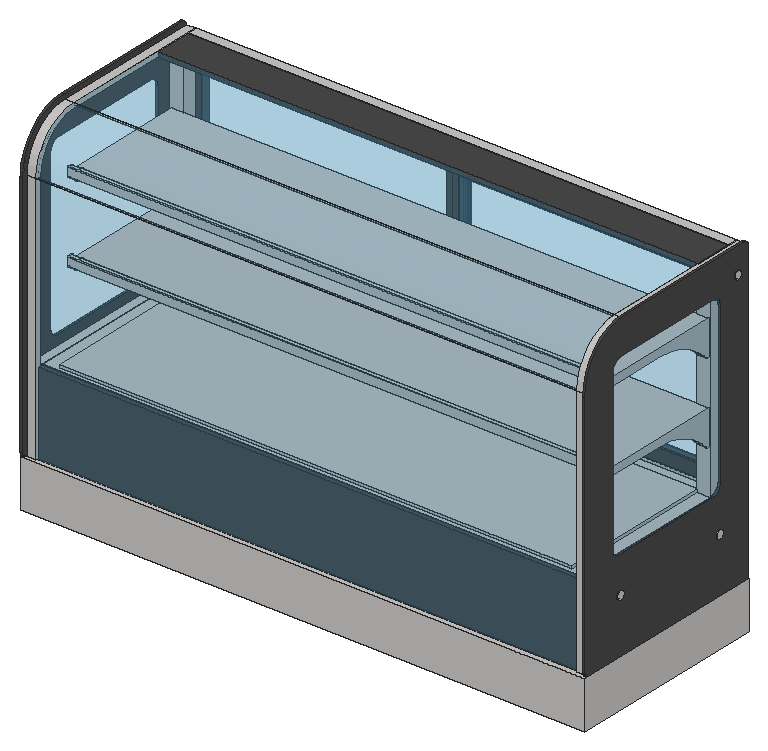
Revit family "Qf_Vollrath_HDC9360_Heated_Display_Case_Cubed_Countertop-60 inches_cat", category Specialty Equipment, Revit 2019
Family settings
  Round Connector Dimension = Use Diameter
  Part Type = Normal
  Work Plane-Based = No
  Always vertical = Yes
  Cut with Voids When Loaded = No
  Shared = No
  Room Calculation Point = No
Parameters (values of type "HDC9360_120/60/1")
  Weight in Pounds = 492.5
  Watts = Volts * FL Amps  # 696 W
  Volts = 120 V
  URL Cutsheet = ""
  Specification by User = ""
  Specification by Manufacturer = ""
  Serial Number = ""
  Seismic Rating = ""
  SMACNA No = ""
  Revision Code = ""
  Phase = 1
  Number of Poles = 1
  NAFEM Spec ID Number = ""
  Model = "HDC9360"
  Min Ckt Ampacity = 0 A
  Max Overcurrent Protection = 0 A
  Masterspec = ""
  Manufacturer = "Vollrath"
  Length = 59.9"
  Item Number = ""
  Installed By = ""
  Identify Quantity as Lot = yes
  Height = 37.0"
  HP = ""
  Furnished By = ""
  Foodservice Equipment Identifier = yes
  FL Amps = 5.8 A
  Electrical Remarks = ""
  Electric Connection Type = ""
  Elec Conn RI Height = 0.0"
  Elec Conn Connection Height = 0.0"
  Description = "Heated Display Case Cubed Countertop-60\""
  Depth = 21.5"
  Cycle = 60 Hz
  Conn Plug = "NEMA 5-15P"
  Conn Conduit = yes
  CSI MasterFormat = ""
  Apparent Power = 0 VA
Reference planes (in)
  plane 1 "BACK": y = 0
  plane 2: z = 0
  plane 3 "LEFT": x = 0
  plane 4 "RIGHT": x = 59.9
  plane 5 "FRONT": y = -21.5
  plane 6 "TOP": z = 37
  plane 7 "Center Y": x = 29.95
  plane 8 "Center X": y = -10.75
  plane 9: x = 0.2
  plane 10: x = 0.45
  plane 11: x = 1.45
  plane 12: x = 59.7
  plane 13: x = 59.45
  plane 14: x = 58.45
  plane 15: z = 5
  plane 16: z = 22.08957
  plane 17: z = 30.55413
  plane 18: z = 13.66535
  plane 19: z = 15.3376
  plane 20: z = 33.6565
  plane 21: z = 34.82972
  plane 22: x = 2.2
  plane 23: y = -5
Forms (in)
  Extrusion 1, solid, material "QF_Plastic_Black_Smooth"
    sketch origin (0.2, -21.42126, 48) x (0, -1, 0) y (0, 0, 1)
      loop
        line (-21.42126, -43) -> (-0.42126, -43)
        arc (-0.42126, -43) -> (-0.06771, -42.85355) -> (0.07874, -42.5) r 0.5
        line (0.07874, -42.5) -> (0.07874, -16.5)
        arc (0.07874, -16.5) -> (-1.53217, -12.61091) -> (-5.42126, -11) r 5.5
        line (-5.42126, -11) -> (-20.92126, -11)
        arc (-20.92126, -11) -> (-21.27481, -11.14645) -> (-21.42126, -11.5) r 0.5
        line (-21.42126, -11.5) -> (-21.42126, -43)
      loop
        arc (-17.79626, -32.38281) -> (-17.50337, -33.08992) -> (-16.79626, -33.38281) r 1
        line (-16.79626, -33.38281) -> (-4.54626, -33.38281)
        arc (-4.54626, -33.38281) -> (-3.83915, -33.08992) -> (-3.54626, -32.38281) r 1
        line (-3.54626, -32.38281) -> (-3.54626, -15.7)
        arc (-3.54626, -15.7) -> (-3.83915, -14.99289) -> (-4.54626, -14.7) r 1
        line (-4.54626, -14.7) -> (-16.79626, -14.7)
        arc (-16.79626, -14.7) -> (-17.50337, -14.99289) -> (-17.79626, -15.7) r 1
        line (-17.79626, -15.7) -> (-17.79626, -32.38281)
    from 0 to -0.25
  Extrusion 2, solid, material "QF_Metal_Stainless_Polished"
    sketch origin (0.2, -21.42126, 48) x (0, -1, 0) y (0, 0, 1)
      loop
        circle (-19.84515, -13.58886) r 0.375
      loop
        circle (-17.4766, -37.03027) r 0.375
      loop
        circle (-4.38554, -37.03027) r 0.375
    from 0 to 0.2
  Extrusion 3, solid, material "QF_Plastic_Black_Smooth"
    sketch origin (59.7, -21.42126, 48) x (0, -1, 0) y (0, 0, -1)
      loop
        line (-21.42126, 43) -> (-21.42126, 11.5)
        arc (-21.42126, 11.5) -> (-21.27481, 11.14645) -> (-20.92126, 11) r 0.5
        line (-20.92126, 11) -> (-5.42126, 11)
        arc (-5.42126, 11) -> (-1.53217, 12.61091) -> (0.07874, 16.5) r 5.5
        line (0.07874, 16.5) -> (0.07874, 42.5)
        arc (0.07874, 42.5) -> (-0.06771, 42.85355) -> (-0.42126, 43) r 0.5
        line (-0.42126, 43) -> (-21.42126, 43)
      loop
        line (-17.79626, 32.38281) -> (-17.79626, 15.7)
        arc (-17.79626, 15.7) -> (-17.50337, 14.99289) -> (-16.79626, 14.7) r 1
        line (-16.79626, 14.7) -> (-4.54626, 14.7)
        arc (-4.54626, 14.7) -> (-3.83915, 14.99289) -> (-3.54626, 15.7) r 1
        line (-3.54626, 15.7) -> (-3.54626, 32.38281)
        arc (-3.54626, 32.38281) -> (-3.83915, 33.08992) -> (-4.54626, 33.38281) r 1
        line (-4.54626, 33.38281) -> (-16.79626, 33.38281)
        arc (-16.79626, 33.38281) -> (-17.50337, 33.08992) -> (-17.79626, 32.38281) r 1
    from 0 to -0.25
  Extrusion 4, solid, material "QF_Metal_Stainless_Polished"
    sketch origin (59.7, -21.42126, 48) x (0, -1, 0) y (0, 0, -1)
      loop
        circle (-19.84515, 13.58886) r 0.375
      loop
        circle (-17.4766, 37.03027) r 0.375
      loop
        circle (-4.38554, 37.03027) r 0.375
    from 0 to 0.2
  Extrusion 5, solid, material "QF_Metal_Stainless_Polished"
    sketch origin (0.45, -21.42126, 48.39448) x (0, -1, 0) y (0, 0, 1)
      loop
        line (-21.42126, -39.76948) -> (-20.42126, -39.76948) -> (-20.42126, -43.39448) -> (-0.42126, -43.39448) -> (-0.42126, -16.89448)
        arc (-0.42126, -16.89448) -> (-1.88573, -13.35895) -> (-5.42126, -11.89448) r 5
        line (-5.42126, -11.89448) -> (-21.42126, -11.89448) -> (-21.42126, -39.76948)
      loop
        line (-20.92126, -34.72913) -> (-0.92126, -34.72913) -> (-0.92126, -16.89448)
        arc (-0.92126, -16.89448) -> (-2.23928, -13.7125) -> (-5.42126, -12.39448) r 4.5
        line (-5.42126, -12.39448) -> (-20.92126, -12.39448) -> (-20.92126, -34.72913)
    from 0 to -1
  Extrusion 6, solid, material "QF_Metal_Stainless_Polished"
    sketch origin (1.45, -21.42126, 48.39448) x (0, -1, 0) y (0, 0, 1)
      loop
        line (-20.01969, -34.46605) -> (-19.99213, -34.50992) -> (-19.99213, -34.6435) -> (-20.83465, -34.6435) -> (-20.83465, -34.50992) -> (-20.80709, -34.46605) -> (-20.80709, -34.35609)
        arc (-20.80709, -34.35609) -> (-20.81285, -34.34217) -> (-20.82677, -34.33641) r 0.01969
        line (-20.82677, -34.33641) -> (-20.90551, -34.33641)
        arc (-20.90551, -34.33641) -> (-20.91943, -34.34217) -> (-20.9252, -34.35609) r 0.01969
        line (-20.9252, -34.35609) -> (-20.9252, -34.46605) -> (-20.89764, -34.50992) -> (-20.89764, -34.6435) -> (-21.31102, -34.6435) -> (-21.31102, -34.36003) -> (-21.35827, -34.36003) -> (-21.35827, -34.72913) -> (-19.4685, -34.72913) -> (-19.4685, -34.36003) -> (-19.51575, -34.36003) -> (-19.51575, -34.6435) -> (-19.92913, -34.6435) -> (-19.92913, -34.50992) -> (-19.90157, -34.46605) -> (-19.90157, -34.35609)
        arc (-19.90157, -34.35609) -> (-19.90734, -34.34217) -> (-19.92126, -34.33641) r 0.01969
        line (-19.92126, -34.33641) -> (-20, -34.33641)
        arc (-20, -34.33641) -> (-20.01392, -34.34217) -> (-20.01969, -34.35609) r 0.01969
        line (-20.01969, -34.35609) -> (-20.01969, -34.46605)
    from 0 to -57
  Extrusion 7, solid, material "QF_Metal_Stainless_Polished"
    sketch origin (2.2, -3.37008, 48) x (0, -1, 0) y (0, 0, 1)
      loop
        arc (12.99213, -26.77657) -> (13.09402, -26.76316) -> (13.18898, -26.72383) r 0.3937
        line (13.18898, -26.72383) -> (13.75197, -26.39879)
        arc (13.75197, -26.39879) -> (13.77214, -26.37861) -> (13.77953, -26.35105) r 0.05512
        line (13.77953, -26.35105) -> (13.77953, -25.45374)
        arc (13.77953, -25.45374) -> (13.76338, -25.41477) -> (13.72441, -25.39862) r 0.05512
        line (13.72441, -25.39862) -> (13.3622, -25.39862)
        arc (13.3622, -25.39862) -> (13.32323, -25.41477) -> (13.30709, -25.45374) r 0.05512
        line (13.30709, -25.45374) -> (13.30709, -25.91043)
        arc (13.30709, -25.91043) -> (13.29331, -25.92421) -> (13.27953, -25.91043) r 0.01378
        line (13.27953, -25.91043) -> (0, -25.91043) -> (0, -29.52049)
        arc (0, -29.52049) -> (0.07688, -29.63117) -> (0.20744, -29.59776) r 0.11811
        arc (0.20744, -29.59776) -> (2.98552, -27.51532) -> (6.37795, -26.77657) r 8.15869
        line (6.37795, -26.77657) -> (12.99213, -26.77657)
    from -0.5 to 0.5
  Extrusion 8, solid, material "QF_Plastic_Black_Smooth"
    sketch origin (46.07697, 0, 15.3376) x (0, 1, 0) y (1, 0, 0)
      loop
        line (-0.38189, -15.47047) -> (-0.38189, -15.3878)
        arc (-0.38189, -15.3878) -> (-0.40296, -15.36682) -> (-0.42944, -15.38034) r 0.02532
        arc (-0.42944, -15.38034) -> (-0.55527, -15.45742) -> (-0.6811, -15.38034) r 0.14124
        arc (-0.6811, -15.38034) -> (-0.70758, -15.36682) -> (-0.72866, -15.3878) r 0.02532
        line (-0.72866, -15.3878) -> (-0.72866, -15.47441) -> (-0.79917, -15.47441) -> (-0.82677, -15.55025) -> (-0.82677, -16.24213) -> (-0.96063, -16.19341) -> (-0.96063, -16.84843) -> (-0.14961, -16.84843) -> (-0.14961, -16.24213) -> (-0.34646, -16.24213) -> (-0.34646, -15.65945) -> (-0.16929, -15.65945)
        arc (-0.16929, -15.65945) -> (-0.15537, -15.65368) -> (-0.14961, -15.63976) r 0.01969
        line (-0.14961, -15.63976) -> (-0.14961, -15.49016)
        arc (-0.14961, -15.49016) -> (-0.15537, -15.47624) -> (-0.16929, -15.47047) r 0.01969
        line (-0.16929, -15.47047) -> (-0.38189, -15.47047)
    from 1.58661 to -19.49213
  Extrusion 9, solid, material "QF_Plastic_Black_Smooth"
    sketch origin (34.15041, 0, 15.3376) x (0, 1, 0) y (1, 0, 0)
      loop
        line (-0.38189, -32.59646) -> (-0.16929, -32.59646)
        arc (-0.16929, -32.59646) -> (-0.15537, -32.59069) -> (-0.14961, -32.57677) r 0.01969
        line (-0.14961, -32.57677) -> (-0.14961, -32.42717)
        arc (-0.14961, -32.42717) -> (-0.15537, -32.41325) -> (-0.16929, -32.40748) r 0.01969
        line (-0.16929, -32.40748) -> (-0.34646, -32.40748) -> (-0.34646, -31.8248) -> (-0.14961, -31.8248) -> (-0.14961, -31.2185) -> (-0.96063, -31.2185) -> (-0.96063, -31.87352) -> (-0.82677, -31.8248) -> (-0.82677, -32.51668) -> (-0.79917, -32.59252) -> (-0.72866, -32.59252) -> (-0.72866, -32.67913)
        arc (-0.72866, -32.67913) -> (-0.70758, -32.70011) -> (-0.6811, -32.68659) r 0.02532
        arc (-0.6811, -32.68659) -> (-0.55527, -32.60951) -> (-0.42944, -32.68659) r 0.14124
        arc (-0.42944, -32.68659) -> (-0.40296, -32.70011) -> (-0.38189, -32.67913) r 0.02532
        line (-0.38189, -32.67913) -> (-0.38189, -32.59646)
    from 1.58661 to -19.49213
  Extrusion 10, solid, material "QF_Plastic_Black_Smooth"
    sketch origin (73.81652, -0.90551, 15.3376) x (0, 1, 0) y (1, 0, 0)
      loop
        line (-0.38189, -15.47047) -> (-0.38189, -15.3878)
        arc (-0.38189, -15.3878) -> (-0.40296, -15.36682) -> (-0.42944, -15.38034) r 0.02532
        arc (-0.42944, -15.38034) -> (-0.55527, -15.45742) -> (-0.6811, -15.38034) r 0.14124
        arc (-0.6811, -15.38034) -> (-0.70758, -15.36682) -> (-0.72866, -15.3878) r 0.02532
        line (-0.72866, -15.3878) -> (-0.72866, -15.47441) -> (-0.79917, -15.47441) -> (-0.82677, -15.55025) -> (-0.82677, -16.24213) -> (-0.96063, -16.19341) -> (-0.96063, -16.84843) -> (-0.14961, -16.84843) -> (-0.14961, -16.24213) -> (-0.34646, -16.24213) -> (-0.34646, -15.65945) -> (-0.16929, -15.65945)
        arc (-0.16929, -15.65945) -> (-0.15537, -15.65368) -> (-0.14961, -15.63976) r 0.01969
        line (-0.14961, -15.63976) -> (-0.14961, -15.49016)
        arc (-0.14961, -15.49016) -> (-0.15537, -15.47624) -> (-0.16929, -15.47047) r 0.01969
        line (-0.16929, -15.47047) -> (-0.38189, -15.47047)
    from 1.58661 to -19.49213
  Extrusion 11, solid, material "QF_Plastic_Black_Smooth"
    sketch origin (61.88996, -0.90551, 15.3376) x (0, 1, 0) y (1, 0, 0)
      loop
        line (-0.38189, -32.59646) -> (-0.16929, -32.59646)
        arc (-0.16929, -32.59646) -> (-0.15537, -32.59069) -> (-0.14961, -32.57677) r 0.01969
        line (-0.14961, -32.57677) -> (-0.14961, -32.42717)
        arc (-0.14961, -32.42717) -> (-0.15537, -32.41325) -> (-0.16929, -32.40748) r 0.01969
        line (-0.16929, -32.40748) -> (-0.34646, -32.40748) -> (-0.34646, -31.8248) -> (-0.14961, -31.8248) -> (-0.14961, -31.2185) -> (-0.96063, -31.2185) -> (-0.96063, -31.87352) -> (-0.82677, -31.8248) -> (-0.82677, -32.51668) -> (-0.79917, -32.59252) -> (-0.72866, -32.59252) -> (-0.72866, -32.67913)
        arc (-0.72866, -32.67913) -> (-0.70758, -32.70011) -> (-0.6811, -32.68659) r 0.02532
        arc (-0.6811, -32.68659) -> (-0.55527, -32.60951) -> (-0.42944, -32.68659) r 0.14124
        arc (-0.42944, -32.68659) -> (-0.40296, -32.70011) -> (-0.38189, -32.67913) r 0.02532
        line (-0.38189, -32.67913) -> (-0.38189, -32.59646)
    from 1.58661 to -19.49213
  Extrusion 12, solid, material "QF_Plastic_Black_Smooth"
    sketch origin (56.9799, -1.05512, 15.3376) x (1, 0, 0) y (0, 0, -1)
      loop
        line (-0.01181, -0.08661) -> (-0.01181, 1.58661) -> (-26.29073, 1.58661) -> (-26.29073, -0.08661) -> (-0.01181, -0.08661)
      loop
        line (-0.01181, -18.3189) -> (-26.29073, -18.3189) -> (-26.29073, -19.49213) -> (-0.01181, -19.49213) -> (-0.01181, -18.3189)
    from 0 to -0.81102
  Extrusion 13, solid, material "QF_Plastic_Black_Smooth"
    sketch origin (17.24035, -0.14961, 15.3376) x (1, 0, 0) y (0, 0, -1)
      loop
        line (11.95046, -0.08661) -> (11.95046, 1.58661) -> (-14.30845, 1.58661) -> (-14.30845, -0.08661) -> (11.95046, -0.08661)
      loop
        line (11.94279, -18.3189) -> (-14.30845, -18.3189) -> (-14.30845, -19.49213) -> (11.94279, -19.49213) -> (11.94279, -18.3189)
    from 0 to -0.81102
  Extrusion 14, solid, material "Glass"
    sketch origin (56.96809, -1.05512, 15.42421) x (-1, 0, 0) y (0, -1, 0)
      loop
        line (0, 0.13) -> (26.27892, 0.13) -> (26.27892, 0.69102) -> (0, 0.69102) -> (0, 0.13)
      loop
        line (27.77728, -0.77551) -> (54.03618, -0.77551) -> (54.03618, -0.22449) -> (27.77728, -0.22449) -> (27.77728, -0.77551)
    from 0 to 18.23228
  Extrusion 15, solid, material "QF_Metal_Stainless_Polished"
    sketch origin (0, 0, 0) x (1, 0, 0) y (0, 0, 1)
      loop
        line (58.45, 36.5) -> (1.45, 36.5) -> (1.45, 35.35728) -> (58.45, 35.35728) -> (58.45, 36.5)
    from 0 to 1
  Extrusion 16, solid, material "QF_Metal_Stainless_Polished"
    sketch origin (-51.07972, -0.125, 0) x (1, 0, 0) y (0, 0, 1)
      loop
        line (109.00216, 13.66535) -> (109.52972, 13.66535) -> (109.52972, 35.35728) -> (52.52972, 35.35728) -> (52.52972, 13.66535) -> (53.05728, 13.66535) -> (53.05728, 34.82972) -> (109.00216, 34.82972) -> (109.00216, 13.66535)
    from 0 to 0.125
  Extrusion 17, solid, material "QF_Metal_Stainless_Polished"
    sketch origin (33.31121, 0, 13.66535) x (0, 1, 0) y (1, 0, 0)
      loop
        line (-1.95276, -31.86121) -> (-1.95276, -30.36121) -> (-3.37008, -30.36121) -> (-3.37008, -31.86121) -> (-1.95276, -31.86121)
      loop
        line (-1.95276, 25.13879) -> (-3.37008, 25.13879) -> (-3.37008, 23.63879) -> (-1.95276, 23.63879) -> (-1.95276, 25.13879)
    from 0 to -22.33465
  Extrusion 18, solid, material "QF_Metal_Stainless_Polished"
    sketch origin (57.7, -3.37008, 48) x (0, -1, 0) y (0, 0, -1)
      loop
        line (12.99213, 26.77657) -> (6.37795, 26.77657)
        arc (6.37795, 26.77657) -> (2.98552, 27.51532) -> (0.20744, 29.59776) r 8.15869
        arc (0.20744, 29.59776) -> (0.07688, 29.63117) -> (0, 29.52049) r 0.11811
        line (0, 29.52049) -> (0, 25.91043) -> (13.27953, 25.91043)
        arc (13.27953, 25.91043) -> (13.29331, 25.92421) -> (13.30709, 25.91043) r 0.01378
        line (13.30709, 25.91043) -> (13.30709, 25.45374)
        arc (13.30709, 25.45374) -> (13.32323, 25.41477) -> (13.3622, 25.39862) r 0.05512
        line (13.3622, 25.39862) -> (13.72441, 25.39862)
        arc (13.72441, 25.39862) -> (13.76338, 25.41477) -> (13.77953, 25.45374) r 0.05512
        line (13.77953, 25.45374) -> (13.77953, 26.35105)
        arc (13.77953, 26.35105) -> (13.77214, 26.37861) -> (13.75197, 26.39879) r 0.05512
        line (13.75197, 26.39879) -> (13.18898, 26.72383)
        arc (13.18898, 26.72383) -> (13.09402, 26.76316) -> (12.99213, 26.77657) r 0.3937
    from -0.5 to 0.5
  Extrusion 19, solid, material "QF_Metal_Stainless_Polished"
    sketch origin (2.7, -3.37008, 48) x (0, 1, 0) y (0, 0, 1)
      loop
        line (0, -25.91043) -> (-13.27953, -25.91043)
        arc (-13.27953, -25.91043) -> (-13.29331, -25.92421) -> (-13.30709, -25.91043) r 0.01378
        line (-13.30709, -25.91043) -> (-13.30709, -25.45374)
        arc (-13.30709, -25.45374) -> (-13.32323, -25.41477) -> (-13.3622, -25.39862) r 0.05512
        line (-13.3622, -25.39862) -> (-13.72441, -25.39862)
        arc (-13.72441, -25.39862) -> (-13.76338, -25.41477) -> (-13.77953, -25.45374) r 0.05512
        line (-13.77953, -25.45374) -> (-13.77953, -26.35105) -> (0, -26.35105) -> (0, -25.91043)
    from 0 to 54.5
  Extrusion 20, solid, material "QF_Metal_Stainless_Polished"
    sketch origin (-79.5026, 0, 0) x (1, 0, 0) y (0, 0, 1)
      loop
        line (80.9526, 13.66437) -> (80.9526, 8.625) -> (137.9526, 8.625) -> (137.9526, 13.66437) -> (80.9526, 13.66437)
    from 0 to 20.25
  Extrusion 21, solid, material "QF_Metal_Stainless_Polished"
    sketch origin (-79.5026, 0, 0) x (1, 0, 0) y (0, 0, 1)
      loop
        line (138.35516, 0) -> (138.35516, 0.70374) -> (80.55004, 0.70374) -> (80.55004, 0) -> (138.35516, 0)
    from 3 to 0.5
  Extrusion 22, solid, material "QF_Metal_Stainless_Polished"
    sketch origin (-55.5026, 0, 0) x (1, 0, 0) y (0, 0, 1)
      loop
        line (114.35516, 0.70374) -> (114.35516, 8.625) -> (113.13862, 8.625) -> (113.13862, 0.70374) -> (114.35516, 0.70374)
    from 3 to 0.5
  Extrusion 23, solid, material "QF_Metal_Stainless_Polished"
    sketch origin (-80.67976, 0, 0) x (1, 0, 0) y (0, 0, 1)
      loop
        line (138.31579, 0.70374) -> (138.31579, 8.625) -> (89.52248, 8.625) -> (89.52248, 0.70374) -> (138.31579, 0.70374)
    from 3 to 0.5
  Extrusion 24, solid, material "QF_Metal_Stainless_Polished"
    sketch origin (-105.47307, 0, 0) x (1, 0, 0) y (0, 0, 1)
      loop
        line (114.31579, 0.70374) -> (114.31579, 8.625) -> (113.41027, 8.625) -> (113.41027, 0.70374) -> (114.31579, 0.70374)
    from 3 to 0.5
  Extrusion 25, solid, material "QF_Metal_Stainless_Polished"
    sketch origin (-106.37858, 0, 0) x (1, 0, 0) y (0, 0, 1)
      loop
        line (114.31579, 0.70374) -> (114.31579, 8.625) -> (108.60712, 8.625) -> (108.60712, 0.70374) -> (114.31579, 0.70374)
    from 3 to 0.5
  Extrusion 26, solid, material "QF_Metal_Stainless_Polished"
    sketch origin (-112.08724, 0, 0) x (1, 0, 0) y (0, 0, 1)
      loop
        line (114.31579, 0.70374) -> (114.31579, 8.625) -> (113.13468, 8.625) -> (113.13468, 0.70374) -> (114.31579, 0.70374)
    from 3 to 0.5
  Extrusion 27, solid, material "QF_Metal_Stainless_Polished"
    sketch origin (-79.5026, 0, 0) x (-1, 0, 0) y (0, 0, 1)
      loop
        line (-81.14413, 11.28248) -> (-84.95201, 11.28248)
        arc (-84.95201, 11.28248) -> (-85.01854, 11.25492) -> (-85.0461, 11.18839) r 0.09409
        line (-85.0461, 11.18839) -> (-85.0461, 8.87657)
        arc (-85.0461, 8.87657) -> (-85.01854, 8.81004) -> (-84.95201, 8.78248) r 0.09409
        line (-84.95201, 8.78248) -> (-81.14413, 8.78248)
        arc (-81.14413, 8.78248) -> (-81.0776, 8.81004) -> (-81.05004, 8.87657) r 0.09409
        line (-81.05004, 8.87657) -> (-81.05004, 11.18839)
        arc (-81.05004, 11.18839) -> (-81.0776, 11.25492) -> (-81.14413, 11.28248) r 0.09409
    from 0 to 0.06
  Extrusion 28, solid, material "QF_Metal_Stainless_Polished"
    sketch origin (2.2, -3.37008, 56.46457) x (0, -1, 0) y (0, 0, 1)
      loop
        arc (12.99213, -26.77657) -> (13.09402, -26.76316) -> (13.18898, -26.72383) r 0.3937
        line (13.18898, -26.72383) -> (13.75197, -26.39879)
        arc (13.75197, -26.39879) -> (13.77214, -26.37861) -> (13.77953, -26.35105) r 0.05512
        line (13.77953, -26.35105) -> (13.77953, -25.45374)
        arc (13.77953, -25.45374) -> (13.76338, -25.41477) -> (13.72441, -25.39862) r 0.05512
        line (13.72441, -25.39862) -> (13.3622, -25.39862)
        arc (13.3622, -25.39862) -> (13.32323, -25.41477) -> (13.30709, -25.45374) r 0.05512
        line (13.30709, -25.45374) -> (13.30709, -25.91043)
        arc (13.30709, -25.91043) -> (13.29331, -25.92421) -> (13.27953, -25.91043) r 0.01378
        line (13.27953, -25.91043) -> (0, -25.91043) -> (0, -29.52049)
        arc (0, -29.52049) -> (0.07688, -29.63117) -> (0.20744, -29.59776) r 0.11811
        arc (0.20744, -29.59776) -> (2.98552, -27.51532) -> (6.37795, -26.77657) r 8.15869
        line (6.37795, -26.77657) -> (12.99213, -26.77657)
    from -0.5 to 0.5
  Extrusion 29, solid, material "QF_Metal_Stainless_Polished"
    sketch origin (57.7, -3.37008, 56.46457) x (0, -1, 0) y (0, 0, -1)
      loop
        line (12.99213, 26.77657) -> (6.37795, 26.77657)
        arc (6.37795, 26.77657) -> (2.98552, 27.51532) -> (0.20744, 29.59776) r 8.15869
        arc (0.20744, 29.59776) -> (0.07688, 29.63117) -> (0, 29.52049) r 0.11811
        line (0, 29.52049) -> (0, 25.91043) -> (13.27953, 25.91043)
        arc (13.27953, 25.91043) -> (13.29331, 25.92421) -> (13.30709, 25.91043) r 0.01378
        line (13.30709, 25.91043) -> (13.30709, 25.45374)
        arc (13.30709, 25.45374) -> (13.32323, 25.41477) -> (13.3622, 25.39862) r 0.05512
        line (13.3622, 25.39862) -> (13.72441, 25.39862)
        arc (13.72441, 25.39862) -> (13.76338, 25.41477) -> (13.77953, 25.45374) r 0.05512
        line (13.77953, 25.45374) -> (13.77953, 26.35105)
        arc (13.77953, 26.35105) -> (13.77214, 26.37861) -> (13.75197, 26.39879) r 0.05512
        line (13.75197, 26.39879) -> (13.18898, 26.72383)
        arc (13.18898, 26.72383) -> (13.09402, 26.76316) -> (12.99213, 26.77657) r 0.3937
    from -0.5 to 0.5
  Extrusion 30, solid, material "QF_Metal_Stainless_Polished"
    sketch origin (2.7, -3.37008, 56.46457) x (0, 1, 0) y (0, 0, 1)
      loop
        line (0, -25.91043) -> (-13.27953, -25.91043)
        arc (-13.27953, -25.91043) -> (-13.29331, -25.92421) -> (-13.30709, -25.91043) r 0.01378
        line (-13.30709, -25.91043) -> (-13.30709, -25.45374)
        arc (-13.30709, -25.45374) -> (-13.32323, -25.41477) -> (-13.3622, -25.39862) r 0.05512
        line (-13.3622, -25.39862) -> (-13.72441, -25.39862)
        arc (-13.72441, -25.39862) -> (-13.76338, -25.41477) -> (-13.77953, -25.45374) r 0.05512
        line (-13.77953, -25.45374) -> (-13.77953, -26.35105) -> (0, -26.35105) -> (0, -25.91043)
    from 0 to 54.5
  Extrusion 31, solid, material "QF_Metal_Stainless_Polished"
    sketch origin (0, 0, 0) x (1, 0, 0) y (0, 1, 0)
      loop
        line (59.7, 0) -> (58.85256, 0) -> (58.85256, -3) -> (1.04744, -3) -> (1.04744, 0) -> (0.2, 0) -> (0.2, -21.5) -> (59.7, -21.5) -> (59.7, 0)
    from 0 to 5
  Extrusion 32, solid, material "QF_Metal_Stainless_Polished"
    sketch origin (59.45, -21.42126, 48.39448) x (0, -1, 0) y (0, 0, -1)
      loop
        line (-21.42126, 39.76948) -> (-21.42126, 11.89448) -> (-5.42126, 11.89448)
        arc (-5.42126, 11.89448) -> (-1.88573, 13.35895) -> (-0.42126, 16.89448) r 5
        line (-0.42126, 16.89448) -> (-0.42126, 43.39448) -> (-20.42126, 43.39448) -> (-20.42126, 39.76948) -> (-21.42126, 39.76948)
      loop
        line (-20.92126, 34.72913) -> (-20.92126, 12.39448) -> (-5.42126, 12.39448)
        arc (-5.42126, 12.39448) -> (-2.23928, 13.7125) -> (-0.92126, 16.89448) r 4.5
        line (-0.92126, 16.89448) -> (-0.92126, 34.72913) -> (-20.92126, 34.72913)
    from 0 to -1
  Extrusion 33, solid, material "QF_Metal_Stainless_Polished"
    sketch origin (0, 0, 0) x (1, 0, 0) y (0, 0, 1)
      loop
        line (0.45, 8.625) -> (0.45, 5) -> (1.04744, 5) -> (1.04744, 8.625) -> (0.45, 8.625)
      loop
        line (59.45, 8.625) -> (58.85256, 8.625) -> (58.85256, 5) -> (59.45, 5) -> (59.45, 8.625)
    from 0 to 1
  Extrusion 34, solid, material "QF_Plastic_Black_Smooth"
    sketch origin (7.23536, -0.5, 1.36639) x (0, -0.34076, 0.94015) y (1, 0, 0)
      loop
        line (4.80772, -0.13) -> (0.38, -0.13)
        arc (0.38, -0.13) -> (0.20322, -0.20322) -> (0.13, -0.38) r 0.25
        line (0.13, -0.38) -> (0.13, -3.92346)
        arc (0.13, -3.92346) -> (0.20322, -4.10023) -> (0.38, -4.17346) r 0.25
        line (0.38, -4.17346) -> (4.80772, -4.17346)
        arc (4.80772, -4.17346) -> (4.98449, -4.10023) -> (5.05772, -3.92346) r 0.25
        line (5.05772, -3.92346) -> (5.05772, -0.38)
        arc (5.05772, -0.38) -> (4.98449, -0.20322) -> (4.80772, -0.13) r 0.25
    from 0 to 0.06
  Extrusion 35, solid, material "QF_Plastic_White_Smooth"
    sketch origin (7.23536, -0.44359, 1.38683) x (0, -0.34076, 0.94015) y (1, 0, 0)
      loop
        circle (0.93442, -3.29352) r 0.5
    from 0 to 0.25
  Extrusion 36, solid, material "QF_Plastic_Black_Smooth"
    sketch origin (7.23536, -0.44359, 1.38683) x (0, -0.34076, 0.94015) y (1, 0, 0)
      loop
        arc (4.45141, -0.68195) -> (3.82641, -0.37591) -> (3.20141, -0.68195) r 0.79121
        line (3.20141, -0.68195) -> (3.20141, -3.6215)
        arc (3.20141, -3.6215) -> (3.82641, -3.92755) -> (4.45141, -3.6215) r 0.79121
        line (4.45141, -3.6215) -> (4.45141, -0.68195)
    from 0 to 0.06
  Extrusion 37, solid, material "QF_Plastic_Black_Smooth"
    sketch origin (-75.7526, 0, 0) x (-1, 0, 0) y (0, 0, 1)
      loop
        line (-77.49689, 13.52657) -> (-81.11894, 13.52657)
        arc (-81.11894, 13.52657) -> (-81.25813, 13.46892) -> (-81.31579, 13.32972) r 0.19685
        line (-81.31579, 13.32972) -> (-81.31579, 11.59744)
        arc (-81.31579, 11.59744) -> (-81.25813, 11.45825) -> (-81.11894, 11.40059) r 0.19685
        line (-81.11894, 11.40059) -> (-77.49689, 11.40059)
        arc (-77.49689, 11.40059) -> (-77.35769, 11.45825) -> (-77.30004, 11.59744) r 0.19685
        line (-77.30004, 11.59744) -> (-77.30004, 13.32972)
        arc (-77.30004, 13.32972) -> (-77.35769, 13.46892) -> (-77.49689, 13.52657) r 0.19685
      loop
        line (-81.41421, 8.97933) -> (-81.41421, 11.2628)
        arc (-81.41421, 11.2628) -> (-81.47187, 11.40199) -> (-81.61106, 11.45965) r 0.19685
        line (-81.61106, 11.45965) -> (-84.17012, 11.45965)
        arc (-84.17012, 11.45965) -> (-84.30931, 11.40199) -> (-84.36697, 11.2628) r 0.19685
        line (-84.36697, 11.2628) -> (-84.36697, 8.97933)
        arc (-84.36697, 8.97933) -> (-84.30931, 8.84014) -> (-84.17012, 8.78248) r 0.19685
        line (-84.17012, 8.78248) -> (-81.61106, 8.78248)
        arc (-81.61106, 8.78248) -> (-81.47187, 8.84014) -> (-81.41421, 8.97933) r 0.19685
    from 0 to 0.06
  Extrusion 38, solid, material "QF_Plastic_Black_Smooth"
    sketch origin (0.45, -0.5, 36.5) x (0, -1, 0) y (1, 0, 0)
      loop
        line (4.5, 1) -> (4.5, 58) -> (0.5, 58) -> (0.5, 1) -> (4.5, 1)
    from 0 to -0.5
  Extrusion 39, solid, material "QF_Metal_Stainless_Polished"
    sketch origin (1.38012, 0, 13.66437) x (1, 0, 0) y (0, 1, 0)
      loop
        line (1.56988, -3.20977) -> (1.56988, -19.75) -> (55.56988, -19.75) -> (55.56988, -3.20977) -> (1.56988, -3.20977)
    from 0 to 0.25
  Extrusion 40, solid, material "QF_Plastic_Black_Smooth"
    sketch origin (-79.5026, -20.25, 0) x (1, 0, 0) y (0, 0, 1)
      loop
        line (137.9526, 13.66437) -> (80.9526, 13.66437) -> (80.9526, 5) -> (137.9526, 5) -> (137.9526, 13.66437)
    from 0 to 0.5
  Extrusion 41, solid, material "Glass"
    sketch origin (1.45, -21.42126, 48.39448) x (0, 1, 0) y (0, 0, 1)
      loop
        line (0.42126, -16.89448) -> (0.42126, -43.39448) -> (0.67126, -43.39448) -> (0.67126, -16.89448)
        arc (0.67126, -16.89448) -> (2.0625, -13.53572) -> (5.42126, -12.14448) r 4.75
        line (5.42126, -12.14448) -> (16.42126, -12.14448) -> (16.42126, -11.89448) -> (5.42126, -11.89448)
        arc (5.42126, -11.89448) -> (1.88573, -13.35895) -> (0.42126, -16.89448) r 5
    from 0 to 57
  Extrusion 42, solid, material "Glass"
    sketch origin (0.2, -21.42126, 48) x (0, -1, 0) y (0, 0, 1)
      loop
        line (-16.79626, -33.38281) -> (-4.54626, -33.38281)
        arc (-4.54626, -33.38281) -> (-3.83915, -33.08992) -> (-3.54626, -32.38281) r 1
        line (-3.54626, -32.38281) -> (-3.54626, -15.7)
        arc (-3.54626, -15.7) -> (-3.83915, -14.99289) -> (-4.54626, -14.7) r 1
        line (-4.54626, -14.7) -> (-16.79626, -14.7)
        arc (-16.79626, -14.7) -> (-17.50337, -14.99289) -> (-17.79626, -15.7) r 1
        line (-17.79626, -15.7) -> (-17.79626, -32.38281)
        arc (-17.79626, -32.38281) -> (-17.50337, -33.08992) -> (-16.79626, -33.38281) r 1
    from 0 to -0.25
  Extrusion 43, solid, material "Glass"
    sketch origin (59.7, -21.42126, 48) x (0, -1, 0) y (0, 0, -1)
      loop
        arc (-16.79626, 33.38281) -> (-17.50337, 33.08992) -> (-17.79626, 32.38281) r 1
        line (-17.79626, 32.38281) -> (-17.79626, 15.7)
        arc (-17.79626, 15.7) -> (-17.50337, 14.99289) -> (-16.79626, 14.7) r 1
        line (-16.79626, 14.7) -> (-4.54626, 14.7)
        arc (-4.54626, 14.7) -> (-3.83915, 14.99289) -> (-3.54626, 15.7) r 1
        line (-3.54626, 15.7) -> (-3.54626, 32.38281)
        arc (-3.54626, 32.38281) -> (-3.83915, 33.08992) -> (-4.54626, 33.38281) r 1
        line (-4.54626, 33.38281) -> (-16.79626, 33.38281)
    from 0 to -0.25
  Extrusion 44, void
    sketch origin (7.23536, 0, 2.05972) x (0, 0, 1) y (0, -1, 0)
      loop
        line (-0.69333, 0.5) -> (-0.69333, -1.5) -> (5.95167, -1.5) -> (5.95167, 0.5) -> (4.1839, 2.26777) -> (-0.69333, 0.5)
    from 0 to -4.30346
Cuts and joins
  joined: Extrusion 28, Extrusion 29, Extrusion 30
  joined: Extrusion 7, Extrusion 18, Extrusion 19
  Extrusion 44 cuts Extrusion 23
  Extrusion 44 cuts Extrusion 25
Lines and regions (in)
  symbolic lines
    curve 1: line (0.2, -21.5, 0) -> (59.7, -21.5, 0)
    curve 2: line (0.45, -21, 0) -> (59.45, -21, 0)
    curve 3: line (58.45, -21, 0) -> (58.45, -5, 0)
    curve 4: line (1.45, -5, 0) -> (1.45, -21, 0)
    curve 5: line (58.45, -5, 0) -> (1.45, -5, 0)
    curve 6: line (1.45, -1, 0) -> (1.45, -5, 0)
    curve 7: line (58.45, -1, 0) -> (1.45, -1, 0)
    curve 8: line (58.45, -5, 0) -> (58.45, -1, 0)
    curve 9: line (0.2, 0, 0) -> (0.2, -21.5, 0)
    curve 10: line (0.45, -21.5, 0) -> (0.45, 0, 0)
    curve 11: line (59.45, 0, 0) -> (59.45, -21.5, 0)
    curve 12: line (59.7, -21.5, 0) -> (59.7, 0, 0)
    curve 13: line (0.2, 0, 0) -> (59.7, 0, 0)
    curve 14: line (59.9, -1.20111, 0) -> (59.7, -1.20111, 0)
    curve 15: line (59.9, -1.20111, 0) -> (59.9, -1.95111, 0)
    curve 16: line (59.9, -1.95111, 0) -> (59.7, -1.95111, 0)
    curve 17: line (59.9, -3.56966, 0) -> (59.7, -3.56966, 0)
    curve 18: line (59.9, -3.56966, 0) -> (59.9, -4.31966, 0)
    curve 19: line (59.9, -4.31966, 0) -> (59.7, -4.31966, 0)
    curve 20: line (59.9, -16.66072, 0) -> (59.7, -16.66072, 0)
    curve 21: line (59.9, -16.66072, 0) -> (59.9, -17.41072, 0)
    curve 22: line (59.9, -17.41072, 0) -> (59.7, -17.41072, 0)
    curve 23: line (0, -1.20111, 0) -> (0.2, -1.20111, 0)
    curve 24: line (0, -1.20111, 0) -> (0, -1.95111, 0)
    curve 25: line (0, -1.95111, 0) -> (0.2, -1.95111, 0)
    curve 26: line (0, -3.56966, 0) -> (0.2, -3.56966, 0)
    curve 27: line (0, -3.56966, 0) -> (0, -4.31966, 0)
    curve 28: line (0, -4.31966, 0) -> (0.2, -4.31966, 0)
    curve 29: line (0, -16.66072, 0) -> (0.2, -16.66072, 0)
    curve 30: line (0, -16.66072, 0) -> (0, -17.41072, 0)
    curve 31: line (0, -17.41072, 0) -> (0.2, -17.41072, 0)
Dimensions and locks (in)
  equal spacing: plane 3 "LEFT", plane 7 "Center Y", plane 4 "RIGHT"
  "Length": plane 3 "LEFT" to plane 4 "RIGHT"
  equal spacing: plane 5 "FRONT", plane 8 "Center X", plane 1 "BACK"
  "Depth": plane 5 "FRONT" to plane 1 "BACK"
  "Height": plane 6 "TOP" to level
  plane 3 "LEFT" to plane 9 = 0.2"
  plane 9 to plane 10 = 0.25"
  plane 15 to plane 2 = 5.0"
  plane 6 "TOP" to plane 2 = 37.0"  (x2)
  plane 5 "FRONT" to plane 1 "BACK" = 21.5"
  plane 1 "BACK" to plane 5 "FRONT" = 21.5"
  plane 4 "RIGHT" to plane 3 "LEFT" = 59.9"
  plane 14 to plane 13 to plane 12 to plane 4 "RIGHT" = 1.0" locked, 0.25" locked, 0.2" locked
  aligned and locked: level to plane 2
Automatic sketch dimensions
  curve 23 to plane 3 "LEFT" = 0.0"
  curve 31 to plane 3 "LEFT" = 0.0"
  curve 28 to plane 3 "LEFT" = 0.0"
  curve 28 to plane 9 = 0.0"
  plane 1 "BACK" to curve 10 = 0.0"
  curve 10 to plane 10 = 0.0"
  curve 5 to plane 11 = 0.0"
  curve 3 to plane 14 = 0.0"
  curve 2 to plane 13 = 0.0"
  curve 20 to plane 12 = 0.0"
  curve 21 to plane 4 "RIGHT" = 0.0"
  curve 19 to plane 4 "RIGHT" = 0.0"
  curve 16 to plane 4 "RIGHT" = 0.0"
  plane 5 "FRONT" to curve 1 = 0.0"
  plane 23 to curve 5 = 0.0"
  curve 21 to plane 5 "FRONT" = 4.08928"
  curve 31 to plane 5 "FRONT" = 4.08928"
  curve 21 to curve 21 = 0.75"
  curve 30 to curve 29 = 0.75"
  curve 19 to plane 23 = 0.68034"
  curve 27 to plane 23 = 0.68034"
  curve 18 to curve 17 = 0.75"
  curve 27 to curve 26 = 0.75"
  curve 17 to curve 15 = 1.61856"
  curve 26 to curve 25 = 1.61856"
  curve 24 to curve 23 = 0.75"
  curve 15 to curve 14 = 0.75"
  plane 1 "BACK" to curve 6 = 1.0"
  curve 4 to plane 5 "FRONT" = 0.5"
  Extrusion 1 sketch curve to plane 1 "BACK" = 0.0"
  Extrusion 1 sketch curve to plane 6 "TOP" = 0.0"
  Extrusion 1 sketch curve to plane 15 = 0.0"
  Extrusion 1 sketch curve to plane 5 "FRONT" = 0.0"
  plane 1 "BACK" to Extrusion 1 sketch curve = 0.5"
  Extrusion 1 sketch curve to plane 19 = 0.27959"  (x2)
  Extrusion 1 sketch curve to plane 23 = 1.375"
  Extrusion 1 sketch curve to plane 23 = 0.375"  (x2)
  Extrusion 1 sketch curve to plane 8 "Center X" = 5.25"
  Extrusion 1 sketch curve to plane 5 "FRONT" = 4.625"
  Extrusion 1 sketch curve to Extrusion 1 sketch curve = 1.0"
  Extrusion 1 sketch curve to plane 5 "FRONT" = 0.5"
  plane 20 to Extrusion 1 sketch curve = 1.3565"
  Extrusion 2 sketch curve to Extrusion 1 = 1.57611"
  Extrusion 1 to Extrusion 2 sketch curve = 0.31966"
  Extrusion 1 to Extrusion 2 sketch curve = 0.83928"
  Extrusion 2 sketch curve to Extrusion 1 = 3.64745"  (x2)
  Extrusion 2 sketch curve to Extrusion 1 = 1.11114"
  Extrusion 3 sketch curve to plane 1 "BACK" = 0.0"
  Extrusion 3 sketch curve to plane 6 "TOP" = 0.0"
  Extrusion 3 sketch curve to plane 15 = 0.0"
  Extrusion 3 sketch curve to plane 5 "FRONT" = 0.0"
  plane 1 "BACK" to Extrusion 3 sketch curve = 0.5"
  Extrusion 3 sketch curve to plane 19 = 0.27959"  (x2)
  Extrusion 3 sketch curve to plane 23 = 1.375"
  Extrusion 3 sketch curve to plane 23 = 0.375"  (x2)
  Extrusion 3 sketch curve to plane 8 "Center X" = 5.25"
  Extrusion 3 sketch curve to plane 5 "FRONT" = 4.625"
  Extrusion 3 sketch curve to Extrusion 3 sketch curve = 1.0"
  Extrusion 3 sketch curve to plane 5 "FRONT" = 0.5"
  plane 20 to Extrusion 3 sketch curve = 0.3565"
  Extrusion 4 sketch curve to Extrusion 3 = 1.57611"
  Extrusion 3 to Extrusion 4 sketch curve = 0.31966"
  Extrusion 3 to Extrusion 4 sketch curve = 0.83928"
  Extrusion 4 sketch curve to Extrusion 3 = 1.11114"
  Extrusion 4 sketch curve to Extrusion 3 = 3.64745"  (x2)
  Extrusion 5 sketch curve to Extrusion 5 sketch curve = 0.0"  (x2)
  Extrusion 5 sketch curve to plane 1 "BACK" = 0.0"
  plane 18 to Extrusion 5 sketch curve = 0.0"
  Extrusion 5 sketch curve to plane 15 = 0.0"
  plane 1 "BACK" to Extrusion 5 sketch curve = 0.5"
  plane 1 "BACK" to Extrusion 5 sketch curve = 1.0"
  Extrusion 5 sketch curve to plane 17 = 0.94587"
  Extrusion 5 sketch curve to plane 8 "Center X" = 5.25"
  Extrusion 5 sketch curve to plane 5 "FRONT" = 1.0"
  Extrusion 5 sketch curve to plane 5 "FRONT" = 0.5"
  plane 15 to Extrusion 5 sketch curve = 3.625"
  plane 18 to Extrusion 6 sketch curve = 0.0"
  plane 1 "BACK" to Extrusion 6 sketch curve = 0.06299"
  Extrusion 6 sketch curve to Extrusion 6 sketch curve = 0.04724"  (x2)
  Extrusion 6 sketch curve to Extrusion 6 sketch curve = 0.38583"
  Extrusion 6 sketch curve to Extrusion 6 sketch curve = 0.01969"  (x2)
  Extrusion 6 sketch curve to Extrusion 6 sketch curve = 0.02756"  (x4)
  Extrusion 6 sketch curve to Extrusion 6 sketch curve = 0.06299"  (x2)
  Extrusion 6 sketch curve to Extrusion 6 sketch curve = 0.07874"  (x2)
  Extrusion 6 sketch curve to plane 18 = 0.26308"  (x2)
  Extrusion 6 sketch curve to plane 18 = 0.37303"
  Extrusion 6 sketch curve to Extrusion 6 sketch curve = 0.7874"
  Extrusion 6 sketch curve to plane 18 = 0.08563"  (x3)
  Extrusion 6 sketch curve to plane 18 = 0.21921"
  Extrusion 6 sketch curve to Extrusion 6 sketch curve = 0.41339"
  Extrusion 6 sketch curve to Extrusion 6 sketch curve = 0.0"  (x2)
  Extrusion 6 sketch curve to Extrusion 6 sketch curve = 0.04387"  (x3)
  Extrusion 6 sketch curve to Extrusion 6 sketch curve = 0.28346"  (x2)
  Extrusion 6 sketch curve to Extrusion 6 sketch curve = 0.10996"
  plane 16 to Extrusion 7 sketch curve = 0.0"
  Extrusion 7 sketch curve to plane 23 = 1.62992"
  Extrusion 7 sketch curve to Extrusion 7 sketch curve = 0.11811"
  plane 18 to Extrusion 7 sketch curve = 0.60062"
  plane 8 "Center X" to Extrusion 7 sketch curve = 1.00197"
  plane 16 to Extrusion 7 sketch curve = 0.86614"
  Extrusion 7 sketch curve to plane 5 "FRONT" = 5.1378"
  plane 16 to Extrusion 7 sketch curve = 0.8134"
  Extrusion 7 sketch curve to Extrusion 7 sketch curve = 0.19685"
  Extrusion 7 sketch curve to Extrusion 7 sketch curve = 0.2874"
  Extrusion 7 sketch curve to Extrusion 7 sketch curve = 0.01378"
  Extrusion 7 sketch curve to Extrusion 7 sketch curve = 0.05512"  (x2)
  Extrusion 7 sketch curve to Extrusion 7 sketch curve = 0.3622"
  Extrusion 7 sketch curve to Extrusion 7 sketch curve = 0.41732"
  plane 16 to Extrusion 7 sketch curve = 0.48835"
  Extrusion 7 sketch curve to Extrusion 7 sketch curve = 0.02756"
  Extrusion 7 sketch curve to plane 19 = 3.14191"
  Extrusion 7 sketch curve to plane 16 = 0.45669"
  Extrusion 8 sketch curve to plane 7 "Center Y" = 0.06644"
  plane 1 "BACK" to Extrusion 8 sketch curve = 0.96063"
  Extrusion 8 sketch curve to plane 7 "Center Y" = 0.11516"  (x2)
  Extrusion 8 sketch curve to Extrusion 8 sketch curve = 0.13386"
  Extrusion 8 sketch curve to Extrusion 8 sketch curve = 0.0276"
  Extrusion 8 sketch curve to Extrusion 8 sketch curve = 0.07051"
  Extrusion 8 sketch curve to Extrusion 8 sketch curve = 0.025"  (x2)
  Extrusion 8 sketch curve to Extrusion 8 sketch curve = 0.14839"  (x2)
  Extrusion 8 sketch curve to Extrusion 8 sketch curve = 0.03543"
  plane 1 "BACK" to Extrusion 8 sketch curve = 0.16929"
  Extrusion 8 sketch curve to Extrusion 8 sketch curve = 0.0"  (x2)
  plane 1 "BACK" to Extrusion 8 sketch curve = 0.14961"
  Extrusion 8 sketch curve to Extrusion 8 sketch curve = 0.01969"
  plane 7 "Center Y" to Extrusion 8 sketch curve = 0.46752"
  Extrusion 8 sketch curve to Extrusion 8 sketch curve = 0.1092"
  Extrusion 8 sketch curve to Extrusion 8 sketch curve = 0.14961"
  Extrusion 8 sketch curve to Extrusion 8 sketch curve = 0.07584"
  Extrusion 8 sketch curve to Extrusion 8 sketch curve = 0.07863"
  Extrusion 8 sketch curve to Extrusion 8 sketch curve = 0.08257"
  Extrusion 8 sketch curve to Extrusion 8 sketch curve = 0.00404"  (x2)
  Extrusion 8 sketch curve to Extrusion 8 sketch curve = 0.07566"
  Extrusion 8 sketch curve to Extrusion 8 sketch curve = 0.6063"
  Extrusion 9 sketch curve to plane 22 = 0.07689"
  plane 1 "BACK" to Extrusion 9 sketch curve = 0.96063"
  Extrusion 9 sketch curve to plane 22 = 0.12561"  (x2)
  Extrusion 9 sketch curve to Extrusion 9 sketch curve = 0.13386"
  Extrusion 9 sketch curve to Extrusion 9 sketch curve = 0.0276"
  Extrusion 9 sketch curve to Extrusion 9 sketch curve = 0.07051"
  Extrusion 9 sketch curve to Extrusion 9 sketch curve = 0.025"  (x2)
  plane 11 to Extrusion 9 sketch curve = 0.05034"
  Extrusion 9 sketch curve to Extrusion 9 sketch curve = 0.14839"  (x2)
  Extrusion 9 sketch curve to plane 11 = 0.02532"  (x2)
  Extrusion 9 sketch curve to Extrusion 9 sketch curve = 0.03543"
  plane 1 "BACK" to Extrusion 9 sketch curve = 0.16929"
  Extrusion 9 sketch curve to Extrusion 9 sketch curve = 0.0"  (x2)
  plane 1 "BACK" to Extrusion 9 sketch curve = 0.14961"
  Extrusion 9 sketch curve to Extrusion 9 sketch curve = 0.01969"
  Extrusion 9 sketch curve to Extrusion 9 sketch curve = 0.6063"
  Extrusion 9 sketch curve to Extrusion 9 sketch curve = 0.26761"
  Extrusion 9 sketch curve to plane 11 = 0.18373"
  Extrusion 9 sketch curve to plane 11 = 0.12364"
  Extrusion 9 sketch curve to plane 11 = 0.10789"
  Extrusion 9 sketch curve to plane 11 = 0.02128"  (x2)
  Extrusion 10 sketch curve to plane 14 = 0.82689"
  plane 1 "BACK" to Extrusion 10 sketch curve = 1.86614"
  Extrusion 10 sketch curve to Extrusion 10 sketch curve = 0.13386"
  Extrusion 10 sketch curve to Extrusion 10 sketch curve = 0.0276"
  Extrusion 10 sketch curve to Extrusion 10 sketch curve = 0.07051"
  Extrusion 10 sketch curve to Extrusion 10 sketch curve = 0.025"  (x2)
  plane 14 to Extrusion 10 sketch curve = 0.05034"
  Extrusion 10 sketch curve to Extrusion 10 sketch curve = 0.14839"  (x2)
  Extrusion 10 sketch curve to plane 14 = 0.02532"
  Extrusion 10 sketch curve to Extrusion 10 sketch curve = 0.03543"
  Extrusion 10 sketch curve to Extrusion 10 sketch curve = 0.2126"
  Extrusion 10 sketch curve to Extrusion 10 sketch curve = 0.0"  (x2)
  Extrusion 10 sketch curve to Extrusion 10 sketch curve = 0.19685"
  Extrusion 10 sketch curve to Extrusion 10 sketch curve = 0.01969"
  Extrusion 10 sketch curve to plane 14 = 0.02128"  (x2)
  Extrusion 10 sketch curve to Extrusion 10 sketch curve = 0.00404"
  Extrusion 10 sketch curve to plane 14 = 0.10395"
  Extrusion 10 sketch curve to plane 14 = 0.10789"
  Extrusion 10 sketch curve to Extrusion 10 sketch curve = 0.07584"
  Extrusion 10 sketch curve to Extrusion 10 sketch curve = 0.14961"
  Extrusion 10 sketch curve to Extrusion 10 sketch curve = 0.58268"
  Extrusion 10 sketch curve to Extrusion 10 sketch curve = 0.04872"
  Extrusion 10 sketch curve to Extrusion 10 sketch curve = 0.6063"
  plane 7 "Center Y" to Extrusion 11 sketch curve = 0.06644"
  plane 1 "BACK" to Extrusion 11 sketch curve = 1.86614"
  plane 7 "Center Y" to Extrusion 11 sketch curve = 0.11516"  (x2)
  Extrusion 11 sketch curve to Extrusion 11 sketch curve = 0.13386"
  Extrusion 11 sketch curve to Extrusion 11 sketch curve = 0.0276"
  Extrusion 11 sketch curve to Extrusion 11 sketch curve = 0.07051"
  Extrusion 11 sketch curve to Extrusion 11 sketch curve = 0.025"  (x2)
  Extrusion 11 sketch curve to Extrusion 11 sketch curve = 0.14839"  (x2)
  Extrusion 11 sketch curve to Extrusion 11 sketch curve = 0.03543"
  Extrusion 11 sketch curve to Extrusion 11 sketch curve = 0.2126"
  Extrusion 11 sketch curve to Extrusion 11 sketch curve = 0.0"  (x2)
  Extrusion 11 sketch curve to Extrusion 11 sketch curve = 0.19685"
  Extrusion 11 sketch curve to Extrusion 11 sketch curve = 0.01969"
  Extrusion 11 sketch curve to Extrusion 11 sketch curve = 0.6063"
  Extrusion 11 sketch curve to plane 7 "Center Y" = 0.46752"
  Extrusion 11 sketch curve to Extrusion 11 sketch curve = 0.1092"
  Extrusion 11 sketch curve to Extrusion 11 sketch curve = 0.14961"
  Extrusion 11 sketch curve to Extrusion 11 sketch curve = 0.07584"
  Extrusion 11 sketch curve to Extrusion 11 sketch curve = 0.08257"
  Extrusion 11 sketch curve to Extrusion 11 sketch curve = 0.07863"
  Extrusion 11 sketch curve to Extrusion 11 sketch curve = 0.00404"  (x2)
  Extrusion 11 sketch curve to Extrusion 11 sketch curve = 0.07566"
  Extrusion 12 sketch curve to Extrusion 10 = 0.0"  (x3)
  Extrusion 10 to Extrusion 12 sketch curve = 0.0"
  Extrusion 10 to Extrusion 12 sketch curve = 1.17323"
  Extrusion 10 to Extrusion 12 sketch curve = 26.27892"
  Extrusion 12 sketch curve to Extrusion 12 sketch curve = 0.0"
  Extrusion 10 to Extrusion 12 sketch curve = 1.67323"
  Extrusion 13 sketch curve to plane 21 = 0.0"
  Extrusion 13 sketch curve to plane 20 = 0.0"
  Extrusion 13 sketch curve to plane 22 = 0.73191"  (x2)
  Extrusion 13 sketch curve to plane 19 = 0.08661"
  Extrusion 13 sketch curve to plane 7 "Center Y" = 0.76685"
  Extrusion 13 sketch curve to plane 7 "Center Y" = 0.75919"
  Extrusion 13 sketch curve to plane 18 = 0.08563"
  Extrusion 14 sketch curve to Extrusion 12 = 0.0"  (x2)
  Extrusion 14 sketch curve to Extrusion 12 = 0.22449"
  Extrusion 12 to Extrusion 14 sketch curve = 1.49836"
  Extrusion 14 sketch curve to Extrusion 12 = 0.77551"
  Extrusion 14 sketch curve to Extrusion 14 sketch curve = 26.2589"
  Extrusion 12 to Extrusion 14 sketch curve = 0.13"
  Extrusion 12 to Extrusion 14 sketch curve = 0.12"
  plane 11 to Extrusion 15 sketch curve = 0.0"
  Extrusion 15 sketch curve to plane 14 = 0.0"
  Extrusion 15 sketch curve to plane 21 = 0.52756"
  Extrusion 15 sketch curve to plane 6 "TOP" = 0.5"
  plane 11 to Extrusion 16 sketch curve = 0.0"
  Extrusion 16 sketch curve to plane 21 = 0.0"
  Extrusion 16 sketch curve to plane 18 = 0.0"  (x2)
  Extrusion 16 sketch curve to plane 14 = 0.0"
  plane 22 to Extrusion 16 sketch curve = 0.22244"
  Extrusion 16 sketch curve to plane 14 = 0.52756"
  Extrusion 16 sketch curve to plane 21 = 0.52756"
  Extrusion 17 sketch curve to plane 11 = 0.0"
  Extrusion 17 sketch curve to plane 14 = 0.0"
  Extrusion 17 sketch curve to plane 23 = 1.62992"  (x2)
  Extrusion 17 sketch curve to Extrusion 17 sketch curve = 1.41732"  (x2)
  Extrusion 17 sketch curve to Extrusion 17 sketch curve = 1.5"
  Extrusion 17 sketch curve to plane 22 = 0.75"
  plane 16 to Extrusion 18 sketch curve = 0.0"
  Extrusion 18 sketch curve to plane 23 = 1.62992"
  Extrusion 18 sketch curve to Extrusion 18 sketch curve = 0.11811"
  plane 18 to Extrusion 18 sketch curve = 0.60062"
  plane 8 "Center X" to Extrusion 18 sketch curve = 1.00197"
  plane 16 to Extrusion 18 sketch curve = 0.86614"
  Extrusion 18 sketch curve to plane 5 "FRONT" = 5.1378"
  plane 16 to Extrusion 18 sketch curve = 0.8134"
  Extrusion 18 sketch curve to Extrusion 18 sketch curve = 0.19685"
  Extrusion 18 sketch curve to Extrusion 18 sketch curve = 0.2874"
  Extrusion 18 sketch curve to Extrusion 18 sketch curve = 0.01378"
  Extrusion 18 sketch curve to Extrusion 18 sketch curve = 0.05512"  (x2)
  Extrusion 18 sketch curve to Extrusion 18 sketch curve = 0.3622"
  Extrusion 18 sketch curve to Extrusion 18 sketch curve = 0.41732"
  plane 16 to Extrusion 18 sketch curve = 0.48835"
  Extrusion 18 sketch curve to Extrusion 18 sketch curve = 0.02756"
  Extrusion 18 sketch curve to Extrusion 18 sketch curve = 0.45669"
  Extrusion 18 sketch curve to plane 19 = 3.14191"
  Extrusion 19 sketch curve to Extrusion 7 = 0.0"
  Extrusion 19 sketch curve to Extrusion 19 sketch curve = 0.05512"
  Extrusion 19 sketch curve to Extrusion 7 = 0.42552"
  plane 11 to Extrusion 20 sketch curve = 0.0"
  Extrusion 20 sketch curve to plane 14 = 0.0"
  plane 15 to Extrusion 20 sketch curve = 3.625"
  plane 18 to Extrusion 20 sketch curve = 0.00098"
  Extrusion 21 sketch curve to level = 0.0"
  plane 11 to Extrusion 21 sketch curve = 0.40256"
  plane 14 to Extrusion 21 sketch curve = 0.40256"
  Extrusion 21 sketch curve to Extrusion 21 sketch curve = 0.70374"
  Extrusion 22 sketch curve to plane 14 = 0.81398"
  plane 14 to Extrusion 22 sketch curve = 0.40256"
  level to Extrusion 22 sketch curve = 0.70374"
  plane 15 to Extrusion 22 sketch curve = 3.625"
  level to Extrusion 23 sketch curve = 0.70374"
  Extrusion 23 sketch curve to plane 22 = 6.64272"
  Extrusion 23 sketch curve to plane 14 = 0.81398"
  plane 15 to Extrusion 23 sketch curve = 3.625"
  level to Extrusion 24 sketch curve = 0.70374"
  Extrusion 24 sketch curve to plane 22 = 5.7372"
  Extrusion 24 sketch curve to Extrusion 24 sketch curve = 0.90551"
  plane 15 to Extrusion 24 sketch curve = 3.625"
  Extrusion 25 sketch curve to plane 22 = 0.02854"
  Extrusion 25 sketch curve to Extrusion 25 sketch curve = 5.70866"
  level to Extrusion 25 sketch curve = 0.70374"
  plane 15 to Extrusion 25 sketch curve = 3.625"
  plane 11 to Extrusion 26 sketch curve = 0.40256"
  Extrusion 26 sketch curve to plane 22 = 0.02854"
  level to Extrusion 26 sketch curve = 0.70374"
  plane 15 to Extrusion 26 sketch curve = 3.625"
  Extrusion 27 sketch curve to Extrusion 20 = 4.0935"
  Extrusion 27 sketch curve to Extrusion 27 sketch curve = 0.09409"  (x3)
  Extrusion 27 sketch curve to Extrusion 20 = 0.19154"  (x2)
  Extrusion 27 sketch curve to Extrusion 20 = 0.15748"
  Extrusion 27 sketch curve to Extrusion 27 sketch curve = 2.31181"
  plane 17 to Extrusion 28 sketch curve = 0.0"
  Extrusion 28 sketch curve to plane 23 = 1.62992"
  Extrusion 28 sketch curve to Extrusion 28 sketch curve = 0.11811"
  plane 16 to Extrusion 28 sketch curve = 0.56027"
  plane 8 "Center X" to Extrusion 28 sketch curve = 1.00197"
  plane 17 to Extrusion 28 sketch curve = 0.86614"
  Extrusion 28 sketch curve to plane 5 "FRONT" = 5.1378"
  plane 17 to Extrusion 28 sketch curve = 0.8134"
  Extrusion 28 sketch curve to Extrusion 28 sketch curve = 0.19685"
  Extrusion 28 sketch curve to Extrusion 28 sketch curve = 0.2874"
  Extrusion 28 sketch curve to Extrusion 28 sketch curve = 0.01378"
  Extrusion 28 sketch curve to Extrusion 28 sketch curve = 0.05512"  (x2)
  Extrusion 28 sketch curve to Extrusion 28 sketch curve = 0.3622"
  Extrusion 28 sketch curve to Extrusion 28 sketch curve = 0.41732"
  plane 17 to Extrusion 28 sketch curve = 0.48835"
  Extrusion 28 sketch curve to Extrusion 28 sketch curve = 0.02756"
  Extrusion 28 sketch curve to Extrusion 28 sketch curve = 3.61006"
  Extrusion 28 sketch curve to plane 17 = 0.45669"
  plane 17 to Extrusion 29 sketch curve = 0.0"
  Extrusion 29 sketch curve to plane 23 = 1.62992"
  Extrusion 29 sketch curve to Extrusion 29 sketch curve = 0.11811"
  plane 16 to Extrusion 29 sketch curve = 0.56027"
  plane 8 "Center X" to Extrusion 29 sketch curve = 1.00197"
  plane 17 to Extrusion 29 sketch curve = 0.86614"
  Extrusion 29 sketch curve to plane 5 "FRONT" = 5.1378"
  plane 17 to Extrusion 29 sketch curve = 0.8134"
  Extrusion 29 sketch curve to Extrusion 29 sketch curve = 0.19685"
  Extrusion 29 sketch curve to Extrusion 29 sketch curve = 0.2874"
  Extrusion 29 sketch curve to Extrusion 29 sketch curve = 0.01378"
  Extrusion 29 sketch curve to Extrusion 29 sketch curve = 0.05512"  (x2)
  Extrusion 29 sketch curve to Extrusion 29 sketch curve = 0.3622"
  Extrusion 29 sketch curve to Extrusion 29 sketch curve = 0.41732"
  plane 17 to Extrusion 29 sketch curve = 0.48835"
  Extrusion 29 sketch curve to Extrusion 29 sketch curve = 0.02756"
  Extrusion 29 sketch curve to Extrusion 29 sketch curve = 0.45669"
  plane 17 to Extrusion 29 sketch curve = 3.61006"
  Extrusion 30 sketch curve to Extrusion 28 = 0.0"
  Extrusion 30 sketch curve to Extrusion 30 sketch curve = 0.05512"
  Extrusion 30 sketch curve to Extrusion 28 = 0.42552"
  plane 5 "FRONT" to Extrusion 31 sketch curve = 0.0"
  Extrusion 31 sketch curve to plane 9 = 0.0"
  plane 1 "BACK" to Extrusion 31 sketch curve = 0.0"  (x2)
  Extrusion 31 sketch curve to plane 12 = 0.0"
  plane 11 to Extrusion 31 sketch curve = 0.40256"
  plane 14 to Extrusion 31 sketch curve = 0.40256"
  Extrusion 31 sketch curve to plane 23 = 2.0"
  Extrusion 32 sketch curve to Extrusion 32 sketch curve = 0.0"  (x2)
  Extrusion 32 sketch curve to plane 1 "BACK" = 0.0"
  plane 18 to Extrusion 32 sketch curve = 0.0"
  Extrusion 32 sketch curve to plane 15 = 0.0"
  plane 1 "BACK" to Extrusion 32 sketch curve = 0.5"
  plane 1 "BACK" to Extrusion 32 sketch curve = 1.0"
  Extrusion 32 sketch curve to plane 17 = 0.94587"
  Extrusion 32 sketch curve to plane 8 "Center X" = 5.25"
  Extrusion 32 sketch curve to plane 5 "FRONT" = 1.0"
  Extrusion 32 sketch curve to plane 5 "FRONT" = 0.5"
  plane 15 to Extrusion 32 sketch curve = 3.625"
  plane 10 to Extrusion 33 sketch curve = 0.0"
  Extrusion 33 sketch curve to plane 15 = 0.0"  (x2)
  Extrusion 33 sketch curve to plane 13 = 0.0"
  plane 11 to Extrusion 33 sketch curve = 0.40256"
  plane 14 to Extrusion 33 sketch curve = 0.40256"
  Extrusion 33 sketch curve to Extrusion 33 sketch curve = 3.625"
  plane 15 to Extrusion 33 sketch curve = 3.625"
  Extrusion 34 sketch curve to plane 22 = 1.11191"  (x2)
  Extrusion 34 sketch curve to Extrusion 34 sketch curve = 0.25"  (x3)
  Extrusion 34 sketch curve to Extrusion 34 sketch curve = 4.42772"
  Extrusion 34 sketch curve to Extrusion 34 sketch curve = 3.54346"
  Extrusion 35 sketch curve to Extrusion 34 = 0.80442"
  Extrusion 35 sketch curve to Extrusion 34 = 0.87993"
  Extrusion 36 sketch curve to Extrusion 34 = 0.55195"  (x2)
  Extrusion 36 sketch curve to Extrusion 34 = 1.85631"
  Extrusion 36 sketch curve to Extrusion 36 sketch curve = 0.625"  (x2)
  Extrusion 36 sketch curve to Extrusion 34 = 0.60631"
  Extrusion 36 sketch curve to Extrusion 36 sketch curve = 0.48516"
  Extrusion 36 sketch curve to Extrusion 34 = 1.03712"
  Extrusion 37 sketch curve to Extrusion 20 = 0.35433"
  Extrusion 37 sketch curve to Extrusion 20 = 7.16437"
  Extrusion 37 sketch curve to Extrusion 37 sketch curve = 0.19685"  (x3)
  Extrusion 37 sketch curve to Extrusion 20 = 0.15748"
  Extrusion 37 sketch curve to Extrusion 37 sketch curve = 2.55906"
  Extrusion 37 sketch curve to Extrusion 37 sketch curve = 0.0"
  Extrusion 37 sketch curve to Extrusion 20 = 0.33465"
  Extrusion 37 sketch curve to Extrusion 37 sketch curve = 0.29528"
  Extrusion 37 sketch curve to Extrusion 20 = 0.1378"
  Extrusion 37 sketch curve to Extrusion 20 = 0.29429"  (x2)
  Extrusion 37 sketch curve to Extrusion 20 = 0.09744"
  Extrusion 37 sketch curve to Extrusion 37 sketch curve = 2.28346"
  Extrusion 37 sketch curve to Extrusion 37 sketch curve = 1.92913"
  Extrusion 38 sketch curve to Extrusion 5 = 0.0"
  Extrusion 38 sketch curve to Extrusion 5 = 1.0"
  Extrusion 38 sketch curve to Extrusion 38 sketch curve = 4.0"
  Extrusion 38 sketch curve to Extrusion 38 sketch curve = 57.0"
